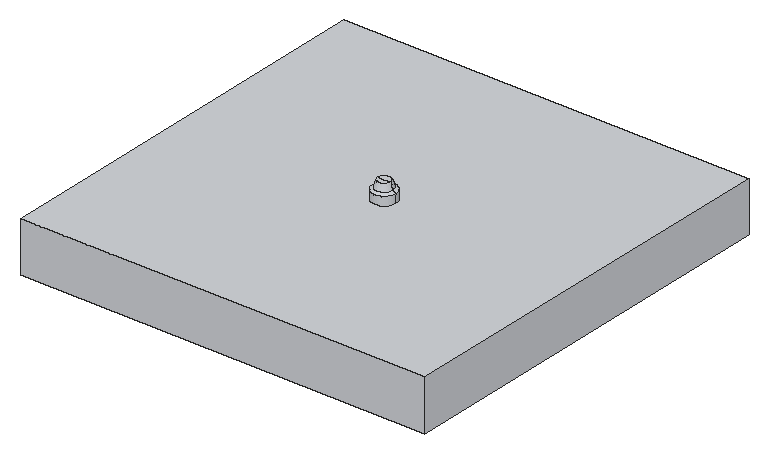
Revit family "M_Detector de fumaça - Transmissor de viga", category Dispositivos de alarme de incêndio, Revit 2019
Family settings
  Hospedeiro = Face
  Manter orientação da anotação = Sim
  Cota do conector redondo = Utilizar diâmetro
  Tipo de parte = Normal
  Número OmniClass = 23.85.30.21.11.11.11
  Título OmniClass = Smoke Detectors
  ID de item do Seek = Smoke Detector - Beam Transmitter-0000-CAN-ENU
  Corte com vazios quando carregada = Não
  Compartilhado = Não
  Ponto de cálculo do ambiente = Não
Parameters (values of type "Padrão")
  Legenda = "BT"
  Raio pequeno da extremidade = 38 mm
  Raio da extremidade superior = 51 mm
  Profundidade da extremidade superior = 38 mm
  Elevação-padrão = 1200 mm
  Raio base = 70 mm
  Profundidade da base = 51 mm
Reference planes
  plane 1 "Centro (Frente/Trás)": y = 0
  plane 2 "Inferior": z = 0
  plane 3 "Centro (Esquerda/Direita)": x = 0
  plane 4: z = 51
  plane 5: z = 63.7
  plane 6: z = 101.7
  plane 7: x = 38
  plane 8: x = 51
  plane 9: x = 70
Forms (mm)
  Extrusion 1, solid
    sketch origin (0, 0, 0) x (1, 0, 0) y (0, 1, 0)
      loop
        line (-1219.2, 1219.2) -> (-1219.2, -1219.2) -> (1219.2, -1219.2) -> (1219.2, 1219.2) -> (-1219.2, 1219.2)
    from 0 to -304.8
  Revolve 2, solid, detail levels fine
    sketch origin (0, 0, 0) x (1, 0, 0) y (0, 0, 1)
      loop
        line (0, 101.7) -> (0, 0) -> (70, 0) -> (70, 51) -> (38, 63.7) -> (51, 63.7) -> (38, 101.7) -> (0, 101.7)
      axis (0, 0) -> (0, 101.7)
    angle from 0 to 360
  Revolve 3, solid, detail levels coarse+medium
    sketch origin (0, 0, 0) x (1, 0, 0) y (0, 0, 1)
      loop
        line (0, 101.7) -> (0, 0) -> (70, 0) -> (70, 101.7) -> (0, 101.7)
      axis (0, 101.7) -> (0, 0)
    angle from 0 to 360
Lines and regions (mm)
  symbolic lines, detail levels fine
    curve 1: circle (0, 0, 0) r 70 normal (0, 0, 1)
Dimensions and locks
  "Profundidade da base": plane 4 to plane 2 "Inferior"
  locked: plane 5 to plane 4 at 12.7
  "Profundidade da extremidade superior": plane 6 to plane 5
  "Raio pequeno da extremidade": plane 7 to plane 3 "Centro (Esquerda/Direita)"
  "Raio da extremidade superior": plane 8 to plane 3 "Centro (Esquerda/Direita)"
  "Raio base": plane 9 to plane 3 "Centro (Esquerda/Direita)"
  "Raio base": radius of curve 1
  aligned and locked: plane 2 "Inferior" to Extrusion 1
  aligned and locked: level to Extrusion 1
  aligned and locked: plane 3 "Centro (Esquerda/Direita)" to Revolve 3 sketch curve
  aligned and locked: Revolve 3 sketch curve to Revolve 2  (x2)
  aligned and locked: Revolve 2 to Revolve 3 sketch curve
  aligned and locked: plane 3 "Centro (Esquerda/Direita)" to Revolve 2 sketch curve
  aligned and locked: plane 1 "Centro (Frente/Trás)" to Revolve 2 sketch curve
  aligned and locked: nested 1 to plane 1 "Centro (Frente/Trás)"
  aligned and locked: nested 1 to plane 3 "Centro (Esquerda/Direita)"
Automatic sketch dimensions
  Revolve 2 sketch curve to plane 3 "Centro (Esquerda/Direita)" = 0 mm
  Revolve 2 sketch curve to plane 6 = 0 mm
  Revolve 2 sketch curve to plane 7 = 0 mm  (x2)
  Revolve 2 sketch curve to plane 5 = 0 mm
  Revolve 2 sketch curve to plane 8 = 0 mm
  Revolve 2 sketch curve to level = 0 mm
  Revolve 2 sketch curve to plane 9 = 0 mm
  Revolve 2 sketch curve to plane 4 = 0 mm
  Revolve 2 sketch curve to plane 4 = 19.05 mm
  plane 6 to Revolve 2 sketch curve = 57.15 mm
  Revolve 3 sketch curve to plane 3 "Centro (Esquerda/Direita)" = 0 mm
  Revolve 3 sketch curve to Revolve 3 sketch curve = 38.1 mm  (x2)
  curve 1 to plane 1 "Centro (Frente/Trás)" = 0 mm
  curve 1 to plane 3 "Centro (Esquerda/Direita)" = 0 mm
  Extrusion 1 sketch curve to Extrusion 1 sketch curve = 2438.4 mm  (x2)
Nested families
  nested 1: "M_Anotação do detector de fumaça" at (0, 0, 0) x (-1, 0, 0) z (0, 0, 1), type "Anotação do detector de fumaça", detail levels coarse+medium
Connectors
  electrical at (0, 0, 0)
    settings: on Revolve 2, index 1, voltage 0 V, apparent load 0 VA, apparent load phase1 0 VA, apparent load phase2 0 VA, apparent load phase3 0 VA, power factor 1, load classification "Outros", number of poles 1, system type 11, power factor state 1, is connector primary yes, connector utility no, sub classification motor no, connector description ""
Definition of nested family "M_Anotação do detector de fumaça"
  Parameters
    Anotação de legenda = "BT"
  Reference planes
    plane 1: y = 0
    plane 2: x = 0
  Lines and regions (mm)
    detail lines
      curve 1: circle (0, 0, 0) r 3.969 normal (0, 0, 1)
  Text (mm)
    label "W" at (4.346, -3.526, 0), shows "Anotação de legenda"
    text "S" at (-1.067, 1.777, 0)
  Dimensions and locks
    aligned and locked: plane 2 to curve 1
    aligned and locked: plane 1 to curve 1
